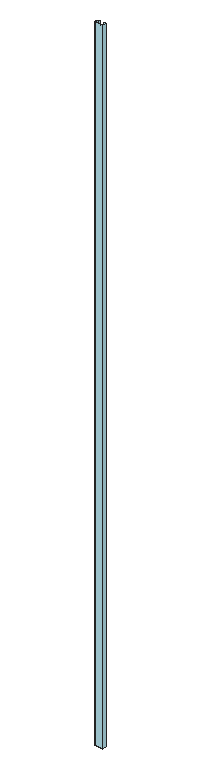
Revit family "as50x23x10x1-6", category 機械設備, Revit 2022
Family settings
  丸型コネクタ寸法 = 直径を使用
  種別 = なし
  パーツ タイプ = 標準
  作業面ベース = いいえ
  常に垂直 = はい
  ロード時にボイドで切り取り = いいえ
  注釈の向きを維持 = いいえ
  共有 = いいえ
  部屋計算ポイント = いいえ
Parameters
  製造元 = "株式会社桐井製作所"
  既定の高さ = 0 mm
  URL = "https://www.kirii.co.jp/"
  K_長さ(mm) [instance] = 4000 mm
  K_外形寸法(mm) = "50×23×10×1.6"
  K_品名 = "リップ付チャンネルAS-50×23×10×1.6(折曲加工)"
  K_名称 = "斜め部材(ブレース材)"
  K_バージョン情報 = "20211216"
Reference planes
  plane 1 "中心(正面/背面)": y = 0
  plane 2: z = 0
  plane 3 "中心(左/右)": x = 0
  plane 4: x = 25
  plane 5: x = -25
  plane 6: z = 4000
  plane 7: y = 23
Forms (mm)
  Extrusion 1, solid
    sketch origin (27.5, 1, 0) x (1, 0, 0) y (0, 1, 0)
      loop
        line (-52.5, 22) -> (-52.5, -1) -> (-2.5, -1) -> (-2.5, 22) -> (-12.5, 22) -> (-12.5, 20.4) -> (-4.1, 20.4) -> (-4.1, 0.6) -> (-50.9, 0.6) -> (-50.9, 20.4) -> (-42.5, 20.4) -> (-42.5, 22) -> (-52.5, 22)
    from 0 to 4000
Dimensions and locks
  "K_長さ(mm)": plane 6 to plane 2
  aligned and locked: level to plane 2
  aligned and locked: plane 6 to Extrusion 1
Automatic sketch dimensions
  Extrusion 1 sketch curve to plane 5 = 0 mm
  plane 1 "中心(正面/背面)" to Extrusion 1 sketch curve = 0 mm
  plane 7 to Extrusion 1 sketch curve = 0 mm  (x2)
  Extrusion 1 sketch curve to plane 4 = 0 mm
  Extrusion 1 sketch curve to Extrusion 1 sketch curve = 1.6 mm
  Extrusion 1 sketch curve to Extrusion 1 sketch curve = 8.4 mm
  Extrusion 1 sketch curve to plane 4 = 10 mm
  Extrusion 1 sketch curve to plane 4 = 1.6 mm
  Extrusion 1 sketch curve to plane 1 "中心(正面/背面)" = 1.6 mm
  plane 7 to Extrusion 1 sketch curve = 1.6 mm  (x2)
